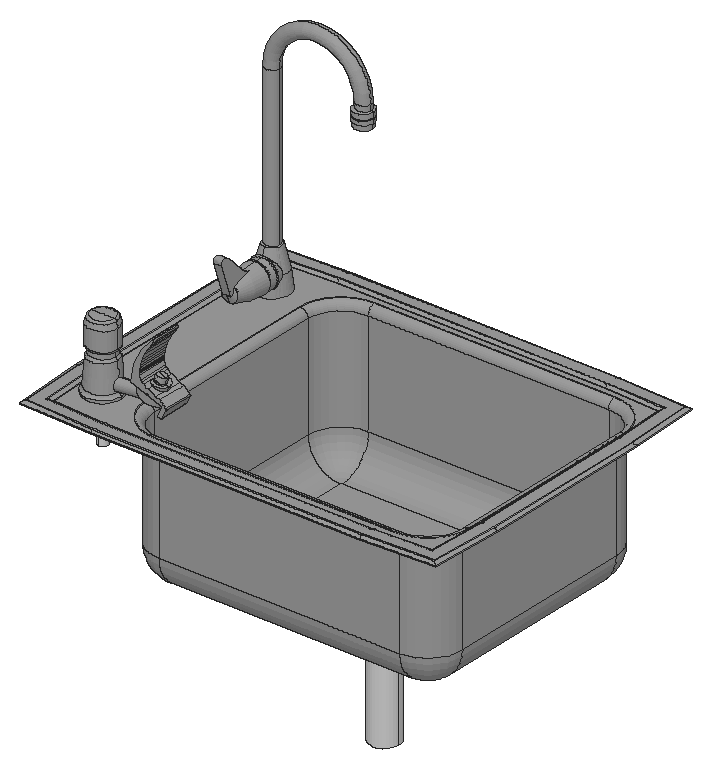
Revit family "equip-sink-clsrm-elkay-s-lustrtne-drkr2217lc", category Plumbing Fixtures, Revit 2019
Family settings
  Round Connector Dimension = Use Radius
  Part Type = Normal
  OmniClass Number = 23.45.05.14.14.27
  OmniClass Title = Service Sinks
  Work Plane-Based = Yes
  Always vertical = Yes
  Cut with Voids When Loaded = No
  Shared = No
  Room Calculation Point = No
Parameters (values of type "DRKR2217LC")
  URL = "www.elkayusa.com"
  Stem Material = Metal - Steel
  Specification Sheet URL = "http://www.elkayusa.com/cps/rde/xbcr/elkay/01-20G_DRKR(Q)2217_DRKAD(Q)2217.pdf"
  Sink Width = 1' - 5"
  Sink Part = "DRKR2217L-2"
  Sink Material = Metal - Steel - Stainless - Chrome
  Sink Length = 1' - 10"
  Sink Ledge Right Width Hidden = if(Sink Ledge Right Width > 0' 1 1/2", Sink Ledge Right Width, 0' 1 1/2")  # 0' - 1 1/2"
  Sink Ledge Right Width = 0' - 1 1/2"
  Sink Ledge Left Width Hidden = if(Sink Ledge Left Width > 0' 1 1/2", Sink Ledge Left Width, 0' 1 1/2")  # 0' - 4 1/2"
  Sink Ledge Left Width = 0' - 4 1/2"
  Sink Ledge Front Width Hidden = if(Sink Ledge Front Width > 0' 1 1/2", Sink Ledge Front Width, 0' 1 1/2")  # 0' - 1 3/4"
  Sink Ledge Front Width = 0' - 1 3/4"
  Sink Ledge Back Width Hidden = if(Sink Ledge Back Width > 0' 1 1/2", Sink Ledge Back Width, 0' 1 1/2")  # 0' - 1 3/4"
  Sink Ledge Back Width = 0' - 1 3/4"
  Right Faucet Hole Three Top = 0' - 0 1/8"
  Right Faucet Hole Three = Right Faucet Hole Three Top > 0' 0 63/256"  # no
  Right Faucet Hole OneTwo Top = 0' - 0 1/8"
  Right Faucet Hole OneTwo = Right Faucet Hole OneTwo Top > 0' 0 63/256"  # no
  Right Faucet Hole One to CL = 0' - 4"
  Nominal Radius = Nominal Dia / 2  # 0' - 0 3/16"
  Nominal Dia = 0' - 0 3/8"
  Left Faucet Hole Three = Left Faucet Hole Three Top > 0' 0 63/256"  # no
  Left Faucet Hole OneTwo = Left Faucet Hole OneTwo Top > 0' 0 63/256"  # no
  HW Flow Rate = 2 GPM
  Faucet Part = "LKD208513L"
  Faucet Material = Metal - Steel - Stainless - Chrome
  Drain Part = "LK35"
  Drain Material = Metal - Steel - Stainless - Chrome
  CW Flow Rate = 2 GPM
  Bubbler Part = "LK1141A"
  Bubbler Nominal Radius = Bubbler Nominal Dia / 2  # 0' - 0 1/4"
  Bubbler Nominal Dia = 0' - 0 1/2"
  Bubbler Material = Metal - Steel - Stainless - Chrome
  Bubbler CW Flow Rate = 2 GPM
  Bubbler Back Left = Bubbler Back Left Top > 0' 0 63/256"  # yes
  Bubbler Front Right = Bubbler Front Right Top > 0' 0 63/256"  # no
  Bubbler Front Left = Bubbler Front Left Top > 0' 0 63/256"  # yes
  Bubbler Back Right = Bubbler Back Right Top > 0' 0 63/256"  # no
  Back Faucet Hole Three = Back Faucet Hole Three Top > 0' 0 63/256"  # no
  Back Faucet Hole OneTwo = Back Faucet Hole OneTwo Top > 0' 0 63/256"  # no
  Back Faucet CL to Back = 0' - 2 1/4"
  Left Faucet Hole Three Top = 0' - 0 1/8"
  Left Faucet Hole OneTwo Top = 0' - 0 1/8"
  Bubbler Back Right Top = 0' - 0 1/8"
  Bubbler Front Right Radius = 0' - 0 9/16"
  Bubbler Front Left Radius = 0' - 0 9/16"
  Back Faucet Hole One to CL = 0' - 4"
  Drain CL LR to Left Bowl Edge = Bowl Length / 2  # 0' - 8"
  Bubbler Right from Edge = 0' - 2 1/4"
  Bubbler Back Left Top = 0' - 0 1/2"
  Bubbler Front Left Top = 0' - 0 1/2"
  Bubbler Left From Edge = 0' - 2 1/4"
  Back Faucet Hole Three Top = 0' - 0 1/8"
  Back Faucet Hole OneTwo Top = 0' - 0 1/8"
  Bowl Depth = 0' - 7 5/8"
  Bubbler Front Right Top = 0' - 0 1/8"
  Sanitary Flow Rate = 10 GPM
  OmniClass Title = "Service Sinks"
  OmniClass Code = "23.45.05.14.14.27"
  Sanitary Nominal Radius = Sanitary Nominal Dia / 2  # 0' - 0 3/4"
  Sanitary Nominal Dia = 0' - 1 1/2"
  Model = "DRKR2217LC"
  Minimum Cabinet Width = "27\""
  MasterFormat Title = "Commercial Sinks"
  MasterFormat Number = "22.42.16.16"
  Manufacturer = "Elkay Manufacturing"
  Bowl Drain Location FB = 0' - 6 3/4"
  Description = "Lustertone Classroom Single Bowl Sink"  # constant formula
  Default Elevation = 3' - 0"
  Deep Specification Sheet URL = ""
  Date Created = "2011-05-08"
  Bowl Length = Sink Length - Sink Ledge Left Width - Sink Ledge Right Width  # 1' - 4"
  Bowl Width = (Sink Width - Sink Ledge Front Width - Sink Ledge Back Width)  # 1' - 1 1/2"
  Assembly Code = "D2010410"
Reference planes (in)
  plane 1 "CL Sink Hole": y = 0
  plane 2 "Sink Deck": z = 0
  plane 3 "Center (Left/Right)": x = 0
  plane 4 "Basin Edge Left": x = -6.5
  plane 5 "Basin Edge Right": x = 9.5
  plane 6 "Back Right Bowl Edge": y = 6.75
  plane 7 "Basin Edge Front": y = -6.75
  plane 8 "Left": x = -11
  plane 9 "Right": x = 11
  plane 10 "Back": y = 8.5
  plane 11 "Front": y = -8.5
  plane 12 "Sink Angle Back Corner": y = 8.3125
  plane 13 "Sink Angle Right Corner": x = 10.8125
  plane 14 "Sink Angle Right": x = 7
  plane 15 "Sink Angle Back": y = 4.5
  plane 16 "Sink Angle Left": x = -7
  plane 17 "Sink Angle Left Corner": x = -10.8125
  plane 18 "Sink Angle Front Corner": y = -8.3125
  plane 19 "Sink Angle Front": y = -4.5
  plane 20 "Edge Opening Right": x = 9.921875
  plane 21 "Edge Opening Left": x = -6.921875
  plane 22 "Sink Top Piece Bottom Face": z = -0.0625
  plane 23 "Top Radius Corner Prot": z = -0.421875
  plane 24 "Left Sink Bottom Piece Left Edge": x = -4.8125
  plane 25 "Sink Bottom Piece Right Edge": x = 7.8125
  plane 26 "Sink Bottom Piece Back Edge": y = 5.0625
  plane 27 "Sink Bottom Piece Front Edge": y = -5.0625
  plane 28 "Center (Front/Back)": y = 0
  plane 29 "Right Bowl CL Drain": x = 1.5
  plane 30 "Edge Opening Front": y = -7.171875
  plane 31 "Right Sink Right Edge Radius": x = 7.75
  plane 32 "Front Edge Bottom Edge Radius": y = -5
  plane 33 "Back Edge Bottom Edge Radius": y = 5
  plane 34 "Back Right Edge Opening": y = 7.171875
  plane 35 "Left Bowl Bottom Edge Radius": x = -4.75
  plane 36 "Masking Region": z = 1.2515695
  plane 37 "Sink Angle Right Inside Corner": x = 9.9925507
  plane 38 "Sink Angle Back Inside Corner": y = 7.4925507
  plane 39 "Sink Angle Front Inside Corner": y = -7.4925507
  plane 40 "Sink Angle Left Inside Corner": x = -9.9925507
  plane 41 "Sink Angle Right Inside Offset Corner": x = 9.8511143
  plane 42 "Sink Angle Back Inside Offset Corner": y = 7.3511143
  plane 43 "Sink Angle Front Inside Offset Corner": y = -7.3511143
  plane 44 "Sink Angle Left Inside Offset Corner": x = -9.8511143
  plane 45 "Right Bowl Bottom Top Face": z = -7.5047681
  plane 46 "Right Bowl Bottom Bottom Face": z = -7.5672681
  plane 47 "Right Bowl Bottom Top of Radius": z = -5.8172681
  plane 48 "Right Sink Drain Elev Bottom": z = -9.0047681
  plane 49 "Right Sink Drain Top Elev": z = -8.7547681
  plane 50 "Faucet Hole Bottom": z = -0.25
  plane 51 "Left Faucet Hole Top": z = -0.125
  plane 52 "Faucet Hole CL Front/Back": y = 6.25
  plane 53 "Faucet Back Hole One-Two": z = -0.125
  plane 54 "Right Faucet Hole 1": x = -2.5
  plane 55 "Right Faucet Hole 2": x = 1.5
  plane 56 "Right Faucet Hole 3": x = 5.5
  plane 57 "Left  Bubbler CL Left/Right": x = -8.75
  plane 58 "Right Bubbler CL Left/Right": x = 8.75
  plane 59 "Bubbler Front CL": y = -5.5
  plane 60 "Top of Rim": z = 0.1202319
  plane 61 "CL Bowl Left/Right": x = 1.5
  plane 62 "Left Front Bubbler Top": z = 0.25
  plane 63 "Faucet Back Hole Three": z = -0.125
  plane 64 "Bubbler Rear CL F B": y = 5.5
  plane 65 "Bubbler Rear Left Top": z = 0.25
  plane 66 "Right Faucet Hole Three": y = 4
  plane 67 "Right Faucet Hole Two": y = 0
  plane 68 "Right Faucet Hole One": y = -4
  plane 69 "CL Bowl Front/Back": y = 0
  plane 70 "Right Faucet Hole OneTwo Top": z = -0.125
  plane 71 "Right Faucet Hole Three Top": z = -0.125
  plane 72 "Left Faucet Hole OneTwo Top": z = -0.125
  plane 73 "Left Faucet Hole Three Top": z = -0.125
  plane 74 "Bubble Rear Right Top": z = -0.125
Forms (in)
  Extrusion 1, solid, material "Metal - Steel - Stainless - Chrome" <- "Sink Material"
    sketch origin (0, 0, 0) x (1, 0, 0) y (0, 1, 0)
      loop
        line (-4.75, -7.171875) -> (7.75, -7.171875)
        arc (7.75, -7.171875) -> (9.2857475, -6.5357475) -> (9.921875, -5) r 2.171875
        line (9.921875, -5) -> (9.921875, 5)
        arc (9.921875, 5) -> (9.2857475, 6.5357475) -> (7.75, 7.171875) r 2.171875
        line (7.75, 7.171875) -> (-4.75, 7.171875)
        arc (-4.75, 7.171875) -> (-6.2857475, 6.5357475) -> (-6.921875, 5) r 2.171875
        line (-6.921875, 5) -> (-6.921875, -5)
        arc (-6.921875, -5) -> (-6.2857475, -6.5357475) -> (-4.75, -7.171875) r 2.171875
      loop
        line (-7, 7.4925507) -> (-9.8511143, 7.3511143) -> (-9.9925507, 4.5) -> (-9.9925507, -4.5) -> (-9.8511143, -7.3511143) -> (-7, -7.4925507) -> (7, -7.4925507) -> (9.8511143, -7.3511143) -> (9.9925507, -4.5) -> (9.9925507, 4.5) -> (9.8511143, 7.3511143) -> (7, 7.4925507) -> (-7, 7.4925507)
    from -0.0625 to 0
  Extrusion 2, solid, material "Metal - Steel - Stainless - Chrome" <- "Sink Material"
    sketch origin (0, 0, 0) x (1, 0, 0) y (0, 1, 0)
      loop
        arc (-4.75, 5.0625) -> (-4.7941942, 5.0441942) -> (-4.8125, 5) r 0.0625
        line (-4.8125, 5) -> (-4.8125, -5)
        arc (-4.8125, -5) -> (-4.7941942, -5.0441942) -> (-4.75, -5.0625) r 0.0625
        line (-4.75, -5.0625) -> (7.75, -5.0625)
        arc (7.75, -5.0625) -> (7.7941942, -5.0441942) -> (7.8125, -5) r 0.0625
        line (7.8125, -5) -> (7.8125, 5)
        arc (7.8125, 5) -> (7.7941942, 5.0441942) -> (7.75, 5.0625) r 0.0625
        line (7.75, 5.0625) -> (-4.75, 5.0625)
      loop
        circle (1.5, 0) r 2.25
    from -7.5672681 to -7.5047681
  Sweep 3, solid, material "Metal - Steel - Stainless - Chrome" <- "Sink Material"
    path origin (0, 0, -7.5047681) x (-1, 0, 0) y (0, -1, 0)
      loop
        circle (-1.5, 0) r 2.25
    profile "profile-elkay-sink-d4-csk : profile-elkay-sink-d4-csk" origin (1.5, -2.25, -7.5047681) x (0, 1, 0) y (0, 0, 1)
      loop
        line (0.5, -0.2911069) -> (0.1564602, -0.1343744)
        arc (0.1564602, -0.1343744) -> (0.1424945, -0.125589) -> (0.1313144, -0.1134552) r 0.0625
        line (0.1313144, -0.1134552) -> (0.0881719, -0.0522605)
        arc (0.0881719, -0.0522605) -> (0.0506391, -0.015074) -> (0, 0) r 0.1086
        line (0, 0) -> (0, -0.0461763)
        arc (0, -0.0461763) -> (0.0262058, -0.0541921) -> (0.0464633, -0.0726483) r 0.0625
        line (0.0464633, -0.0726483) -> (0.093406, -0.1396891)
        arc (0.093406, -0.1396891) -> (0.1129384, -0.1609677) -> (0.1373891, -0.1763448) r 0.1086
        line (0.1373891, -0.1763448) -> (0.5, -0.3417784) -> (0.5, -0.2911069)
  Sweep 4, solid, material "Metal - Steel - Stainless - Chrome" <- "Sink Material"
    path origin (0, 0, 0) x (1, 0, 0) y (0, 1, 0)
      loop
        line (-4.75, -6.75) -> (7.75, -6.75)
        arc (7.75, -6.75) -> (8.9874369, -6.2374369) -> (9.5, -5) r 1.75
        line (9.5, -5) -> (9.5, 5)
        arc (9.5, 5) -> (8.9874369, 6.2374369) -> (7.75, 6.75) r 1.75
        line (7.75, 6.75) -> (-4.75, 6.75)
        arc (-4.75, 6.75) -> (-5.9874369, 6.2374369) -> (-6.5, 5) r 1.75
        line (-6.5, 5) -> (-6.5, -5)
        arc (-6.5, -5) -> (-5.9874369, -6.2374369) -> (-4.75, -6.75) r 1.75
    profile origin (1.5, -6.75, 0) x (0, 1, 0) y (0, 0, 1)
      loop
        arc (0, -0.421875) -> (-0.1235643, -0.1235643) -> (-0.421875, 0) r 0.421875
        line (-0.421875, 0) -> (-0.421875, -0.0625)
        arc (-0.421875, -0.0625) -> (-0.1677585, -0.1677585) -> (-0.0625, -0.421875) r 0.359375
        line (-0.0625, -0.421875) -> (-0.0625, -5.8172681)
        arc (-0.0625, -5.8172681) -> (0.4500631, -7.054705) -> (1.6875, -7.5672681) r 1.75
        line (1.6875, -7.5672681) -> (1.6875, -7.5047681)
        arc (1.6875, -7.5047681) -> (0.4942573, -7.0105108) -> (0, -5.8172681) r 1.6875
        line (0, -5.8172681) -> (0, -0.421875)
  Extrusion 5, solid, material "Glass", not visible
    sketch origin (0, 0, -4.7547681) x (0, -1, 0) y (1, 0, 0)
      loop
        circle (0, 1.5) r 0.75
    from -4.25 to -4
  Sweep 6, solid, material "Metal - Steel - Stainless - Chrome" <- "Sink Material"
    path origin (0, 0, 0) x (1, 0, 0) y (0, 1, 0)
      loop
        line (-7, -8.5) -> (7, -8.5) -> (10.8125, -8.3125) -> (11, -4.5) -> (11, 4.5) -> (10.8125, 8.3125) -> (7, 8.5) -> (-7, 8.5) -> (-10.8125, 8.3125) -> (-11, 4.5) -> (-11, -4.5) -> (-10.8125, -8.3125) -> (-7, -8.5)
    profile "profile-elkay-sink-rim-9 : profile-elkay-sink-rim-9" origin (0, -8.5, 0) x (0, 1, 0) y (0, 0, 1)
      loop
        line (0, 0.0163327) -> (0, -0.0360681) -> (0.2039181, 0.0741316) -> (0.8052651, 0.0741316) -> (1.0074493, -0.0546586) -> (1.0074493, 0) -> (0.841093, 0.1059673)
        arc (0.841093, 0.1059673) -> (0.8176388, 0.1165931) -> (0.7921483, 0.1202319) r 0.091102
        line (0.7921483, 0.1202319) -> (0.2153023, 0.1202319)
        arc (0.2153023, 0.1202319) -> (0.1929626, 0.1174506) -> (0.1719868, 0.1092765) r 0.0911081
        line (0.1719868, 0.1092765) -> (0, 0.0163327)
  Extrusion 7, void
    sketch origin (0, 0, 0) x (1, 0, 0) y (0, 1, 0)
      loop
        circle (-8.75, -5.5) r 0.5625
    from -0.25 to 0.25
  Extrusion 8, void
    sketch origin (0, 0, 0) x (1, 0, 0) y (0, 1, 0)
      loop
        circle (-8.75, 5.5) r 0.5625
    from -0.25 to 0.25
Cuts and joins
  joined: Extrusion 2, Sweep 3, Sweep 4
  Extrusion 7, Extrusion 8 cuts Extrusion 1
Lines and regions (in)
  Masking region 1
    outline origin (0, 0, 1.2515695) x (-1, 0, 0) y (0, -1, 0)
      loop
        line (7, -8.5) -> (10.8125, -8.3125) -> (11, -4.5) -> (11, 4.5) -> (10.8125, 8.3125) -> (7, 8.5) -> (-7, 8.5) -> (-10.8125, 8.3125) -> (-11, 4.5) -> (-11, -4.5) -> (-10.8125, -8.3125) -> (-7, -8.5) -> (7, -8.5)
  reference lines, not visible
    curve 1: line (7, 8.5, 0) -> (10.8125, 8.3125, 0)
    curve 2: line (10.8125, 8.3125, 0) -> (11, 4.5, 0)
    curve 3: line (-7, 8.5, 0) -> (-10.8125, 8.3125, 0)
    curve 4: line (-10.8125, 8.3125, 0) -> (-11, 4.5, 0)
    curve 5: line (-11, -4.5, 0) -> (-10.8125, -8.3125, 0)
    curve 6: line (-10.8125, -8.3125, 0) -> (-7, -8.5, 0)
    curve 7: line (11, -4.5, 0) -> (10.8125, -8.3125, 0)
    curve 8: line (10.8125, -8.3125, 0) -> (7, -8.5, 0)
    curve 9: arc (0, -6.75, -0.421875) -> (0, -6.8735643, -0.1235643) -> (0, -7.171875, 0) r 0.421875
    curve 10: arc (7.8125, 5, 0) -> (7.7941942, 5.0441942, 0) -> (7.75, 5.0625, 0) r 0.0625
    curve 11: arc (-5.8125, 5, 0) -> (-5.7941942, 5.0441942, 0) -> (-5.75, 5.0625, 0) r 0.0625
    curve 12: arc (-5.75, -5.0625, 0) -> (-5.7941942, -5.0441942, 0) -> (-5.8125, -5, 0) r 0.0625
    curve 13: arc (7.8125, -5, 0) -> (7.7941942, -5.0441942, 0) -> (7.75, -5.0625, 0) r 0.0625
    curve 14: arc (9.5, 5, 0) -> (8.9874369, 6.2374369, 0) -> (7.75, 6.75, 0) r 1.75
    curve 15: arc (9.5, -5, 0) -> (8.9874369, -6.2374369, 0) -> (7.75, -6.75, 0) r 1.75
    curve 21: circle (1.5, 0, -9.0047681) r 0.75 normal (0, 0, 1)
  reference lines
    curve 16: arc (9.921875, 5, 0) -> (9.2857475, 6.5357475, 0) -> (7.75, 7.171875, 0) r 2.171875
    curve 17: arc (9.921875, -5, 0) -> (9.2857475, -6.5357475, 0) -> (7.75, -7.171875, 0) r 2.171875
    curve 22: line (9.9925507, -4.5, 0) -> (9.8511143, -7.3511143, 0)
    curve 23: line (7, -7.4925507, 0) -> (9.8511143, -7.3511143, 0)
    curve 24: line (-9.9925507, -4.5, 0) -> (-9.8511143, -7.3511143, 0)
    curve 25: line (9.9925507, 4.5, 0) -> (9.8511143, 7.3511143, 0)
    curve 26: line (9.8511143, 7.3511143, 0) -> (7, 7.4925507, 0)
    curve 27: line (-7, 7.4925507, 0) -> (-9.8511143, 7.3511143, 0)
    curve 28: line (-9.8511143, 7.3511143, 0) -> (-9.9925507, 4.5, 0)
    curve 29: line (-7, -7.4925507, 0) -> (-9.8511143, -7.3511143, 0)
    curve 30: arc (0, -5.0625, -7.5047681) -> (0, -6.2557427, -7.0105108) -> (0, -6.75, -5.8172681) r 1.6875
    curve 31: arc (-4.75, -5.0625, 0) -> (-4.7941942, -5.0441942, 0) -> (-4.8125, -5, 0) r 0.0625
    curve 32: arc (-4.75, -6.75, 0) -> (-5.9874369, -6.2374369, 0) -> (-6.5, -5, 0) r 1.75
    curve 33: arc (-6.921875, -5, 0) -> (-6.2857475, -6.5357475, 0) -> (-4.75, -7.171875, 0) r 2.171875
    curve 34: arc (-6.5, 5, 0) -> (-5.9874369, 6.2374369, 0) -> (-4.75, 6.75, 0) r 1.75
    curve 35: arc (-6.921875, 5, 0) -> (-6.2857475, 6.5357475, 0) -> (-4.75, 7.171875, 0) r 2.171875
    curve 36: arc (-4.8125, 5, 0) -> (-4.7941942, 5.0441942, 0) -> (-4.75, 5.0625, 0) r 0.0625
    curve 54: circle (8.75, -5.5, 0) r 0.5625 normal (0, 0, 1)
    curve 55: circle (-8.75, -5.5, 0) r 0.5625 normal (0, 0, 1)
  symbolic lines, style "Sinks"
    curve 18: line (9.5, 5, 1.2515695) -> (9.5, -5, 1.2515695)
    curve 19: arc (9.5, -5, 1.2515695) -> (8.9874369, -6.2374369, 1.2515695) -> (7.75, -6.75, 1.2515695) r 1.75
    curve 20: arc (9.5, 5, 1.2515695) -> (8.9874369, 6.2374369, 1.2515695) -> (7.75, 6.75, 1.2515695) r 1.75
    curve 37: line (-4.75, 6.75, 1.2515695) -> (7.75, 6.75, 1.2515695)
    curve 38: line (-4.75, -6.75, 1.2515695) -> (7.75, -6.75, 1.2515695)
    curve 39: line (-6.5, 5, 1.2515695) -> (-6.5, -4.7191231, 1.2515695)
    curve 40: arc (-4.75, -6.75, 1.2515695) -> (-5.388996, -6.6291667, 1.2515695) -> (-5.9397497, -6.2833533, 1.2515695) r 1.75
    curve 41: arc (-6.5, 5, 1.2515695) -> (-6.4988979, 5.0620968, 1.2515695) -> (-6.4955931, 5.1241153, 1.2515695) r 1.75
    curve 42: line (-7, 7.4925507, 1.2515695) -> (7, 7.4925507, 1.2515695)
    curve 43: line (-9.9925507, -4.5, 1.2515695) -> (-9.9925507, 4.5, 1.2515695)
    curve 44: line (9.9925507, 4.5, 1.2515695) -> (9.9925507, -4.5, 1.2515695)
    curve 45: line (7, -7.4925507, 1.2515695) -> (-7, -7.4925507, 1.2515695)
    curve 46: line (9.9925507, -4.5, 1.2515695) -> (9.8511143, -7.3511143, 1.2515695)
    curve 47: line (7, -7.4925507, 1.2515695) -> (9.8511143, -7.3511143, 1.2515695)
    curve 48: line (-7, -7.4925507, 1.2515695) -> (-9.8511143, -7.3511143, 1.2515695)
    curve 49: line (-7, 7.4925507, 1.2515695) -> (-9.8511143, 7.3511143, 1.2515695)
    curve 50: line (-9.8511143, 7.3511143, 1.2515695) -> (-9.9925507, 4.5, 1.2515695)
    curve 51: line (9.8511143, 7.3511143, 1.2515695) -> (7, 7.4925507, 1.2515695)
    curve 52: line (9.9925507, 4.5, 1.2515695) -> (9.8511143, 7.3511143, 1.2515695)
    curve 53: line (-9.9925507, -4.5, 1.2515695) -> (-9.8511143, -7.3511143, 1.2515695)
    curve 59: arc (-6.2651505, 5.875682, 1.2515695) -> (-5.624659, 6.5157413, 1.2515695) -> (-4.75, 6.75, 1.2515695) r 1.75
    curve 63: circle (1.5, 0, 1.2515695) r 2.25 normal (0, 0, 1)
    curve 64: circle (1.5, 0, 1.2515695) r 1.75 normal (0, 0, 1)
  symbolic lines, style "InvisibleLines", visible <- "Bubbler Back Left"
    curve 56: circle (-8.75, 5.5, 1.2515695) r 0.5625 normal (0, 0, 1)
  symbolic lines, style "InvisibleLines", visible <- "Bubbler Front Left"
    curve 57: circle (-8.75, -5.5, 1.2515695) r 0.5625 normal (0, 0, 1)
  symbolic lines, style "Sinks", visible <- "Left Faucet Hole Three"
    curve 58: circle (-8.75, 4, 1.2515695) r 0.75 normal (0, 0, 1)
  symbolic lines, style "InvisibleLines"
    curve 60: arc (-6.4955931, 5.1241153, 1.2515695) -> (-6.4231185, 5.5130055, 1.2515695) -> (-6.2651505, 5.875682, 1.2515695) r 1.75
    curve 61: line (-6.5, -4.7191231, 1.2515695) -> (-6.5, -5, 1.2515695)
    curve 62: arc (-5.9397497, -6.2833533, 1.2515695) -> (-6.3538332, -5.7001565, 1.2515695) -> (-6.5, -5, 1.2515695) r 1.75
Dimensions and locks (in)
  "Sink Ledge Left Width Hidden": plane 8 "Left" to plane 4 "Basin Edge Left"
  "Sink Ledge Right Width Hidden": plane 5 "Basin Edge Right" to plane 9 "Right"
  "Sink Length": plane 8 "Left" to plane 9 "Right"
  "Bowl Drain Location FB": plane 6 "Back Right Bowl Edge" to plane 1 "CL Sink Hole"
  "Sink Ledge Back Width Hidden": plane 10 "Back" to plane 6 "Back Right Bowl Edge"
  "Sink Ledge Front Width Hidden": plane 7 "Basin Edge Front" to plane 11 "Front"
  locked: plane 13 "Sink Angle Right Corner" to plane 9 "Right" at 0.1875
  locked: plane 10 "Back" to plane 12 "Sink Angle Back Corner" at 0.1875
  locked: plane 14 "Sink Angle Right" to plane 9 "Right" at 4
  locked: plane 10 "Back" to plane 15 "Sink Angle Back" at 4
  locked: plane 8 "Left" to plane 17 "Sink Angle Left Corner" at 0.1875
  locked: plane 8 "Left" to plane 16 "Sink Angle Left" at 4
  locked: plane 18 "Sink Angle Front Corner" to plane 11 "Front" at 0.1875
  locked: plane 19 "Sink Angle Front" to plane 11 "Front" at 4
  "Sink Width": plane 10 "Back" to plane 11 "Front"
  locked: plane 21 "Edge Opening Left" to plane 4 "Basin Edge Left" at 0.421875
  locked: plane 27 "Sink Bottom Piece Front Edge" to plane 7 "Basin Edge Front" at 1.6875
  locked: plane 4 "Basin Edge Left" to plane 24 "Left Sink Bottom Piece Left Edge" at 1.6875
  locked: plane 25 "Sink Bottom Piece Right Edge" to plane 5 "Basin Edge Right" at 1.6875
  locked: plane 6 "Back Right Bowl Edge" to plane 26 "Sink Bottom Piece Back Edge" at 1.6875
  locked: plane 5 "Basin Edge Right" to plane 20 "Edge Opening Right" at 0.421875
  equal spacing: plane 10 "Back", plane 28 "Center (Front/Back)", plane 11 "Front"
  equal spacing: plane 8 "Left", plane 3 "Center (Left/Right)", plane 9 "Right"
  locked: plane 31 "Right Sink Right Edge Radius" to plane 25 "Sink Bottom Piece Right Edge" at 0.0625
  locked: plane 32 "Front Edge Bottom Edge Radius" to plane 27 "Sink Bottom Piece Front Edge" at 0.0625
  locked: plane 26 "Sink Bottom Piece Back Edge" to plane 33 "Back Edge Bottom Edge Radius" at 0.0625
  locked: plane 34 "Back Right Edge Opening" to plane 6 "Back Right Bowl Edge" at 0.421875
  locked: plane 7 "Basin Edge Front" to plane 30 "Edge Opening Front" at 0.421875
  locked: plane 24 "Left Sink Bottom Piece Left Edge" to plane 35 "Left Bowl Bottom Edge Radius" at 0.0625
  locked: plane 2 "Sink Deck" to plane 23 "Top Radius Corner Prot" at 0.421875
  locked: plane 2 "Sink Deck" to plane 22 "Sink Top Piece Bottom Face" at 0.0625
  locked: plane 36 "Masking Region" to plane 2 "Sink Deck" at 1.2515695
  locked: plane 37 "Sink Angle Right Inside Corner" to plane 9 "Right" at 1.0074493
  locked: plane 8 "Left" to plane 40 "Sink Angle Left Inside Corner" at 1.0074493
  locked: plane 10 "Back" to plane 38 "Sink Angle Back Inside Corner" at 1.0074493
  locked: plane 39 "Sink Angle Front Inside Corner" to plane 11 "Front" at 1.0074493
  locked: plane 41 "Sink Angle Right Inside Offset Corner" to plane 37 "Sink Angle Right Inside Corner" at 0.1414364
  locked: plane 42 "Sink Angle Back Inside Offset Corner" to plane 38 "Sink Angle Back Inside Corner" at 0.1414364
  locked: plane 39 "Sink Angle Front Inside Corner" to plane 43 "Sink Angle Front Inside Offset Corner" at 0.1414364
  locked: plane 40 "Sink Angle Left Inside Corner" to plane 44 "Sink Angle Left Inside Offset Corner" at 0.1414364
  locked: plane 47 "Right Bowl Bottom Top of Radius" to plane 45 "Right Bowl Bottom Top Face" at 1.6875
  locked: plane 45 "Right Bowl Bottom Top Face" to plane 46 "Right Bowl Bottom Bottom Face" at 0.0625
  "Bowl Depth": plane 60 "Top of Rim" to plane 45 "Right Bowl Bottom Top Face"
  locked: plane 49 "Right Sink Drain Top Elev" to plane 48 "Right Sink Drain Elev Bottom" at 0.25
  locked: plane 45 "Right Bowl Bottom Top Face" to plane 48 "Right Sink Drain Elev Bottom" at 1.5
  "Back Faucet CL to Back": plane 10 "Back" to plane 52 "Faucet Hole CL Front/Back"
  locked: plane 2 "Sink Deck" to plane 50 "Faucet Hole Bottom" at 0.25
  "Bubbler Front Right Top": plane 51 "Left Faucet Hole Top" to plane 50 "Faucet Hole Bottom"
  "Back Faucet Hole OneTwo Top": plane 53 "Faucet Back Hole One-Two" to plane 50 "Faucet Hole Bottom"
  "Drain CL LR to Left Bowl Edge": plane 4 "Basin Edge Left" to plane 29 "Right Bowl CL Drain"
  locked: plane 54 "Right Faucet Hole 1" to plane 55 "Right Faucet Hole 2" at 4
  locked: plane 54 "Right Faucet Hole 1" to plane 56 "Right Faucet Hole 3" at 8
  "Bubbler Right from Edge": plane 58 "Right Bubbler CL Left/Right" to plane 9 "Right"
  "Bubbler Left From Edge": plane 8 "Left" to plane 57 "Left  Bubbler CL Left/Right"
  locked: plane 59 "Bubbler Front CL" to plane 11 "Front" at 3
  locked: plane 60 "Top of Rim" to plane 2 "Sink Deck" at 0.1202319
  "Back Faucet Hole One to CL": plane 54 "Right Faucet Hole 1" to plane 61 "CL Bowl Left/Right"
  equal spacing: plane 4 "Basin Edge Left", plane 61 "CL Bowl Left/Right", plane 5 "Basin Edge Right"
  "Bubbler Front Left Top": plane 62 "Left Front Bubbler Top" to plane 50 "Faucet Hole Bottom"
  "Back Faucet Hole Three Top": plane 50 "Faucet Hole Bottom" to plane 63 "Faucet Back Hole Three"
  locked: plane 10 "Back" to plane 64 "Bubbler Rear CL F B" at 3
  "Bubbler Back Left Top": plane 65 "Bubbler Rear Left Top" to plane 50 "Faucet Hole Bottom"
  equal spacing: plane 6 "Back Right Bowl Edge", plane 69 "CL Bowl Front/Back", plane 7 "Basin Edge Front"
  "Right Faucet Hole One to CL": plane 69 "CL Bowl Front/Back" to plane 68 "Right Faucet Hole One"
  locked: plane 67 "Right Faucet Hole Two" to plane 68 "Right Faucet Hole One" at 4
  locked: plane 66 "Right Faucet Hole Three" to plane 68 "Right Faucet Hole One" at 8
  "Right Faucet Hole OneTwo Top": plane 70 "Right Faucet Hole OneTwo Top" to plane 50 "Faucet Hole Bottom"
  "Right Faucet Hole Three Top": plane 71 "Right Faucet Hole Three Top" to plane 50 "Faucet Hole Bottom"
  "Left Faucet Hole OneTwo Top": plane 72 "Left Faucet Hole OneTwo Top" to plane 50 "Faucet Hole Bottom"
  "Left Faucet Hole Three Top": plane 73 "Left Faucet Hole Three Top" to plane 50 "Faucet Hole Bottom"
  "Bubbler Back Right Top": plane 74 "Bubble Rear Right Top" to plane 50 "Faucet Hole Bottom"
  "Sanitary Nominal Radius": radius of curve 21
  "Bubbler Front Right Radius": radius of curve 54
  "Bubbler Front Left Radius": radius of curve 55
  aligned: Extrusion 1 to plane 22 "Sink Top Piece Bottom Face"
  aligned and locked: Extrusion 2 sketch curve to curve 13
  aligned and locked: Extrusion 2 sketch curve to curve 10
  aligned and locked: Sweep 4 sketch curve to curve 14
  aligned and locked: Sweep 4 sketch curve to curve 15
  aligned and locked: Sweep 4 sketch curve to curve 9
  aligned and locked: Extrusion 1 sketch curve to curve 16
  aligned and locked: Extrusion 1 sketch curve to curve 17
  aligned and locked: plane 2 "Sink Deck" to Extrusion 1
  aligned and locked: Extrusion 1 to plane 22 "Sink Top Piece Bottom Face"
  aligned and locked: curve 19 to curve 15
  aligned and locked: curve 20 to curve 14
  aligned and locked: Extrusion 5 sketch curve to curve 21
  aligned and locked: Sweep 6 sketch curve to plane 11 "Front"
  aligned and locked: Sweep 6 sketch curve to plane 9 "Right"
  aligned and locked: Sweep 6 sketch curve to plane 10 "Back"
  aligned and locked: Sweep 6 sketch curve to plane 8 "Left"
  aligned and locked: Sweep 6 sketch curve to curve 4
  aligned and locked: Sweep 6 sketch curve to curve 5
  aligned and locked: Sweep 6 sketch curve to curve 7
  aligned and locked: Sweep 6 sketch curve to curve 8
  aligned and locked: Sweep 6 sketch curve to curve 2
  aligned and locked: Sweep 6 sketch curve to curve 1
  aligned and locked: Sweep 6 sketch curve to curve 3
  aligned and locked: Sweep 6 sketch curve to curve 6
  aligned and locked: Extrusion 1 sketch curve to plane 38 "Sink Angle Back Inside Corner"
  aligned and locked: Extrusion 1 sketch curve to plane 40 "Sink Angle Left Inside Corner"
  aligned and locked: Extrusion 1 sketch curve to plane 37 "Sink Angle Right Inside Corner"
  aligned and locked: Extrusion 1 sketch curve to plane 39 "Sink Angle Front Inside Corner"
  aligned and locked: Extrusion 1 sketch curve to curve 29
  aligned and locked: Extrusion 1 sketch curve to curve 24
  aligned and locked: Extrusion 1 sketch curve to curve 27
  aligned and locked: Extrusion 1 sketch curve to curve 28
  aligned and locked: Extrusion 1 sketch curve to curve 26
  aligned and locked: Extrusion 1 sketch curve to curve 25
  aligned and locked: Extrusion 1 sketch curve to curve 22
  aligned and locked: Extrusion 1 sketch curve to curve 23
  aligned and locked: Sweep 4 sketch curve to curve 30
  aligned and locked: plane 45 "Right Bowl Bottom Top Face" to cut or joined group of Extrusion 2, Sweep 3, Sweep 4
  aligned and locked: cut or joined group of Extrusion 2, Sweep 3, Sweep 4 to plane 46 "Right Bowl Bottom Bottom Face"
  aligned and locked: plane 49 "Right Sink Drain Top Elev" to Extrusion 5
  aligned and locked: Extrusion 5 to plane 48 "Right Sink Drain Elev Bottom"
  aligned and locked: Extrusion 7 to plane 50 "Faucet Hole Bottom"
  aligned: plane 51 "Left Faucet Hole Top" to Extrusion 7
  aligned: plane 53 "Faucet Back Hole One-Two" to Extrusion 7
  aligned and locked: Masking region 1 sketch curve to plane 10 "Back"
  aligned and locked: Masking region 1 sketch curve to plane 8 "Left"
  aligned and locked: Masking region 1 sketch curve to plane 9 "Right"
  aligned and locked: Masking region 1 sketch curve to plane 11 "Front"
  aligned and locked: Masking region 1 sketch curve to curve 6
  aligned and locked: Masking region 1 sketch curve to curve 5
  aligned and locked: Masking region 1 sketch curve to curve 4
  aligned and locked: Masking region 1 sketch curve to curve 3
  aligned and locked: Masking region 1 sketch curve to curve 1
  aligned and locked: Masking region 1 sketch curve to curve 2
  aligned and locked: Masking region 1 sketch curve to curve 7
  aligned and locked: Masking region 1 sketch curve to curve 8
  aligned and locked: Sweep 4 sketch curve to curve 34
  aligned and locked: Sweep 4 sketch curve to curve 32
  aligned and locked: Extrusion 2 sketch curve to curve 36
  aligned and locked: Extrusion 2 sketch curve to curve 31
  aligned and locked: Extrusion 1 sketch curve to curve 35
  aligned and locked: Extrusion 1 sketch curve to curve 33
  aligned and locked: curve 40 to curve 32
  aligned and locked: curve 41 to curve 34
  aligned and locked: Extrusion 7 to plane 62 "Left Front Bubbler Top"
  aligned and locked: Extrusion 8 to plane 50 "Faucet Hole Bottom"
  aligned and locked: plane 65 "Bubbler Rear Left Top" to Extrusion 8
  aligned and locked: Extrusion 7 sketch curve to curve 55
  aligned and locked: curve 57 to curve 55
  aligned: plane 19 "Sink Angle Front" to nested 1
  aligned and locked: plane 57 "Left  Bubbler CL Left/Right" to nested 1
  aligned and locked: plane 59 "Bubbler Front CL" to nested 1
  aligned and locked: plane 64 "Bubbler Rear CL F B" to nested 2
  aligned and locked: plane 57 "Left  Bubbler CL Left/Right" to nested 2
  aligned and locked: nested 3 to plane 69 "CL Bowl Front/Back"
  aligned and locked: nested 3 to plane 61 "CL Bowl Left/Right"
  aligned and locked: plane 64 "Bubbler Rear CL F B" to nested 4
  aligned and locked: plane 57 "Left  Bubbler CL Left/Right" to nested 4
  aligned and locked: plane 57 "Left  Bubbler CL Left/Right" to nested 5
  aligned and locked: plane 59 "Bubbler Front CL" to nested 5
Automatic sketch dimensions
  Sweep 4 sketch curve to Sweep 4 sketch curve = 0' - 0"  (x2)
  curve 9 to level = 0' - 0"
  curve 9 to plane 30 "Edge Opening Front" = 0' - 0"
  curve 9 to plane 7 "Basin Edge Front" = 0' - 0"
  curve 30 to plane 7 "Basin Edge Front" = 0' - 0"
  curve 30 to plane 27 "Sink Bottom Piece Front Edge" = 0' - 0"
  curve 30 to plane 45 "Right Bowl Bottom Top Face" = 0' - 0"
  profile plane to Sweep 4 sketch curve = 0' - 0 1/16"
  plane 1 "CL Sink Hole" to curve 21 = 0' - 0"
  curve 21 to plane 29 "Right Bowl CL Drain" = 0' - 0"
  Extrusion 8 sketch curve to plane 57 "Left  Bubbler CL Left/Right" = 0' - 0"
  Extrusion 8 sketch curve to plane 64 "Bubbler Rear CL F B" = 0' - 0"
  curve 52 to plane 15 "Sink Angle Back" = 0' - 0"
  curve 52 to plane 37 "Sink Angle Right Inside Corner" = 0' - 0"
  curve 46 to plane 41 "Sink Angle Right Inside Offset Corner" = 0' - 0"
  curve 51 to plane 41 "Sink Angle Right Inside Offset Corner" = 0' - 0"
  curve 47 to plane 14 "Sink Angle Right" = 0' - 0"
  curve 51 to plane 14 "Sink Angle Right" = 0' - 0"
  curve 42 to plane 16 "Sink Angle Left" = 0' - 0"
  curve 45 to plane 16 "Sink Angle Left" = 0' - 0"
  curve 53 to plane 43 "Sink Angle Front Inside Offset Corner" = 0' - 0"
  curve 53 to plane 44 "Sink Angle Left Inside Offset Corner" = 0' - 0"
  plane 42 "Sink Angle Back Inside Offset Corner" to curve 49 = 0' - 0"
  curve 49 to plane 44 "Sink Angle Left Inside Offset Corner" = 0' - 0"
  curve 43 to plane 19 "Sink Angle Front" = 0' - 0"
  curve 50 to plane 15 "Sink Angle Back" = 0' - 0"
  curve 50 to plane 40 "Sink Angle Left Inside Corner" = 0' - 0"
  curve 51 to plane 38 "Sink Angle Back Inside Corner" = 0' - 0"
  plane 42 "Sink Angle Back Inside Offset Corner" to curve 52 = 0' - 0"
  curve 44 to plane 19 "Sink Angle Front" = 0' - 0"
  curve 46 to plane 43 "Sink Angle Front Inside Offset Corner" = 0' - 0"
  plane 39 "Sink Angle Front Inside Corner" to curve 47 = 0' - 0"
  curve 10 to curve 14 = 0' - 0"
  curve 10 to curve 16 = 0' - 0"  (x2)
  curve 13 to curve 15 = 0' - 0"  (x2)
  curve 13 to curve 17 = 0' - 0"  (x2)
  curve 14 to curve 16 = 0' - 0"
  curve 31 to curve 32 = 0' - 0"  (x2)
  curve 31 to curve 33 = 0' - 0"  (x2)
  curve 34 to curve 35 = 0' - 0"  (x2)
  curve 34 to curve 36 = 0' - 0"  (x2)
  curve 4 to plane 8 "Left" = 0' - 0"
  curve 5 to plane 8 "Left" = 0' - 0"
  curve 5 to plane 17 "Sink Angle Left Corner" = 0' - 0"
  curve 4 to plane 12 "Sink Angle Back Corner" = 0' - 0"
  curve 4 to plane 17 "Sink Angle Left Corner" = 0' - 0"
  curve 24 to plane 19 "Sink Angle Front" = 0' - 0"
  curve 24 to plane 40 "Sink Angle Left Inside Corner" = 0' - 0"
  curve 28 to plane 15 "Sink Angle Back" = 0' - 0"
  curve 28 to plane 40 "Sink Angle Left Inside Corner" = 0' - 0"
  plane 42 "Sink Angle Back Inside Offset Corner" to curve 27 = 0' - 0"
  curve 27 to plane 44 "Sink Angle Left Inside Offset Corner" = 0' - 0"
  curve 24 to plane 43 "Sink Angle Front Inside Offset Corner" = 0' - 0"
  curve 24 to plane 44 "Sink Angle Left Inside Offset Corner" = 0' - 0"
  curve 55 to plane 57 "Left  Bubbler CL Left/Right" = 0' - 0"
  curve 27 to plane 16 "Sink Angle Left" = 0' - 0"
  curve 6 to plane 11 "Front" = 0' - 0"
  curve 6 to plane 16 "Sink Angle Left" = 0' - 0"
  curve 3 to plane 10 "Back" = 0' - 0"
  curve 3 to plane 16 "Sink Angle Left" = 0' - 0"
  curve 29 to plane 16 "Sink Angle Left" = 0' - 0"
  curve 35 to plane 21 "Edge Opening Left" = 0' - 0"
  curve 33 to plane 21 "Edge Opening Left" = 0' - 0"
  curve 34 to plane 4 "Basin Edge Left" = 0' - 0"
  curve 32 to plane 4 "Basin Edge Left" = 0' - 0"
  plane 32 "Front Edge Bottom Edge Radius" to curve 12 = 0' - 0"
  plane 33 "Back Edge Bottom Edge Radius" to curve 11 = 0' - 0"
  curve 12 to plane 27 "Sink Bottom Piece Front Edge" = 0' - 0"
  curve 11 to plane 26 "Sink Bottom Piece Back Edge" = 0' - 0"
  curve 31 to plane 24 "Left Sink Bottom Piece Left Edge" = 0' - 0"
  curve 36 to plane 24 "Left Sink Bottom Piece Left Edge" = 0' - 0"
  curve 31 to plane 27 "Sink Bottom Piece Front Edge" = 0' - 0"
  curve 31 to plane 35 "Left Bowl Bottom Edge Radius" = 0' - 0"
  curve 34 to plane 6 "Back Right Bowl Edge" = 0' - 0"
  curve 34 to plane 35 "Left Bowl Bottom Edge Radius" = 0' - 0"
  curve 16 to plane 31 "Right Sink Right Edge Radius" = 0' - 0"
  curve 15 to plane 7 "Basin Edge Front" = 0' - 0"
  curve 15 to plane 31 "Right Sink Right Edge Radius" = 0' - 0"
  curve 10 to plane 25 "Sink Bottom Piece Right Edge" = 0' - 0"
  curve 13 to plane 25 "Sink Bottom Piece Right Edge" = 0' - 0"
  curve 15 to plane 5 "Basin Edge Right" = 0' - 0"
  curve 14 to plane 5 "Basin Edge Right" = 0' - 0"
  curve 17 to plane 20 "Edge Opening Right" = 0' - 0"
  curve 16 to plane 20 "Edge Opening Right" = 0' - 0"
  curve 8 to plane 11 "Front" = 0' - 0"
  curve 8 to plane 14 "Sink Angle Right" = 0' - 0"
  curve 26 to plane 14 "Sink Angle Right" = 0' - 0"
  curve 23 to plane 14 "Sink Angle Right" = 0' - 0"
  curve 1 to plane 10 "Back" = 0' - 0"
  curve 1 to plane 14 "Sink Angle Right" = 0' - 0"
  curve 54 to plane 58 "Right Bubbler CL Left/Right" = 0' - 0"
  curve 23 to plane 41 "Sink Angle Right Inside Offset Corner" = 0' - 0"
  curve 25 to plane 41 "Sink Angle Right Inside Offset Corner" = 0' - 0"
  curve 25 to plane 15 "Sink Angle Back" = 0' - 0"
  curve 25 to plane 37 "Sink Angle Right Inside Corner" = 0' - 0"
  curve 22 to plane 19 "Sink Angle Front" = 0' - 0"
  curve 22 to plane 37 "Sink Angle Right Inside Corner" = 0' - 0"
  curve 8 to plane 13 "Sink Angle Right Corner" = 0' - 0"
  curve 2 to plane 12 "Sink Angle Back Corner" = 0' - 0"
  curve 2 to plane 13 "Sink Angle Right Corner" = 0' - 0"
  curve 2 to plane 9 "Right" = 0' - 0"
  curve 7 to plane 9 "Right" = 0' - 0"
  curve 8 to plane 18 "Sink Angle Front Corner" = 0' - 0"
  curve 6 to plane 18 "Sink Angle Front Corner" = 0' - 0"
  plane 39 "Sink Angle Front Inside Corner" to curve 23 = 0' - 0"
  plane 39 "Sink Angle Front Inside Corner" to curve 29 = 0' - 0"
  curve 22 to plane 43 "Sink Angle Front Inside Offset Corner" = 0' - 0"
  curve 55 to plane 59 "Bubbler Front CL" = 0' - 0"
  curve 54 to plane 59 "Bubbler Front CL" = 0' - 0"
  curve 5 to plane 19 "Sink Angle Front" = 0' - 0"
  curve 7 to plane 19 "Sink Angle Front" = 0' - 0"
  plane 33 "Back Edge Bottom Edge Radius" to curve 10 = 0' - 0"
  curve 4 to plane 15 "Sink Angle Back" = 0' - 0"
  curve 2 to plane 15 "Sink Angle Back" = 0' - 0"
  plane 42 "Sink Angle Back Inside Offset Corner" to curve 26 = 0' - 0"
  curve 27 to plane 38 "Sink Angle Back Inside Corner" = 0' - 0"
  curve 26 to plane 38 "Sink Angle Back Inside Corner" = 0' - 0"
  plane 4 "Basin Edge Left" to curve 12 = 0' - 0 11/16"
  plane 4 "Basin Edge Left" to curve 11 = 0' - 0 11/16"
  curve 56 to plane 57 "Left  Bubbler CL Left/Right" = 0' - 0"
  curve 56 to plane 64 "Bubbler Rear CL F B" = 0' - 0"
  curve 58 to plane 57 "Left  Bubbler CL Left/Right" = 0' - 0"
  curve 58 to plane 66 "Right Faucet Hole Three" = 0' - 0"
  plane 1 "CL Sink Hole" to Extrusion 2 sketch curve = 0' - 0"
  Extrusion 2 sketch curve to plane 29 "Right Bowl CL Drain" = 0' - 0"
  curve 60 to curve 59 = 0' - 0"
  plane 4 "Basin Edge Left" to curve 60 = 0' - 0.23485"
  curve 41 to curve 59 = 0' - 0"  (x2)
  plane 4 "Basin Edge Left" to curve 41 = 0' - 0.00441"
  curve 61 to plane 19 "Sink Angle Front" = 0' - 0.21912"
  curve 40 to curve 62 = 0' - 0"
  plane 7 "Basin Edge Front" to curve 40 = 0' - 0.46665"
  plane 1 "CL Sink Hole" to Sweep 3 sketch curve = 0' - 0"
  Sweep 3 sketch curve to plane 29 "Right Bowl CL Drain" = 0' - 0"
  curve 63 to curve 64 = 0' - 0"  (x2)
  plane 1 "CL Sink Hole" to curve 63 = 0' - 0"
  curve 63 to plane 29 "Right Bowl CL Drain" = 0' - 0"
  radius of Extrusion 8 sketch curve = 0' - 0 9/16"
  radius of curve 56 = 0' - 0 9/16"
  radius of curve 58 = 0' - 0 3/4"
  radius of Extrusion 2 sketch curve = 0' - 2 1/4"
  radius of Sweep 3 sketch curve = 0' - 2 1/4"
  radius of curve 63 = 0' - 2 1/4"
  radius of curve 64 = 0' - 1 3/4"
Nested families (in)
  nested 1: "equip-bubbler-elkay-LK1141A" at (-8.75, -5.5, 0) x (0, 1, 0) z (0, 0, 1), type "equip-bubbler-elkay-LK1141A"
  nested 2: "equip-faucet-elkay-LKD208513-L" at (-8.75, 5.5, 0) x (0, 1, 0) z (0, 0, 1), type "equip-faucet-elkay-LKD208513-l"
  nested 3: "equip-drain-elkay-LK35" at (1.5, -0.1875, -7.5047681), type "equip-drain-elkay-LK35"
  nested 4: "plan-detail-faucet-elkay-LKD208513-l" at (-8.75, 5.5, 1.2515695) x (0, 1, 0) z (0, 0, 1), type "plan-detail-faucet-elkay-LKD208513-l"
  nested 5: "plan-detail-bubbler-elkay-LK1141A" at (-8.75, -5.5, 1.2515695) x (0, 1, 0) z (0, 0, 1), type "plan-detail-bubbler-elkay-LK1141A"
Connectors (in)
  piping at (1.5, 0, -8.7547681), diameter 1.5, driven by "Sanitary Nominal Radius", driven by "Sanitary Flow Rate"
    settings: on Extrusion 5, index 2, connector inside diameter 1 1/2", connector length 0' - 0", flow factor 0, pipe flow 10 GPM, pressure drop 0.00 psi, fitting loss kfactor 0, connector angle 0.00°, fixture units 0, engagement length 0' - 0", angle of deflection 0.00°, flow configuration 1, flow direction 2, fitting loss method 0, system type 16, joint type 0, gender type 0, connector reference index -1, connector utility 0, adjustable connector yes, is connector primary yes, connector description "Sink Drain Right"
  piping at (-8.4999908, 5.5, -2.12225), diameter 0.375, driven by "Nominal Radius", driven by "HW Flow Rate"
    settings: on nested 2, index 3, connector inside diameter 3/8", connector length 0' - 0", flow factor 0, pipe flow 2 GPM, pressure drop 0.00 psi, fitting loss kfactor 0, connector angle 0.00°, fixture units 0, engagement length 0' - 0", angle of deflection 0.00°, flow configuration 1, flow direction 1, fitting loss method 0, system type 29, joint type 0, gender type 0, connector reference index -1, connector utility 0, adjustable connector no, is connector primary no, connector description "Hot Water Supply"
  piping at (-8.9999908, 5.5, -2.12225), diameter 0.375, driven by "CW Flow Rate", driven by "Nominal Radius"
    settings: on nested 2, index 4, connector inside diameter 3/8", connector length 0' - 0", flow factor 0, pipe flow 2 GPM, pressure drop 0.00 psi, fitting loss kfactor 0, connector angle 0.00°, fixture units 0, engagement length 0' - 0", angle of deflection 0.00°, flow configuration 1, flow direction 1, fitting loss method 0, system type 29, joint type 0, gender type 0, connector reference index -1, connector utility 0, adjustable connector no, is connector primary no, connector description "Cold Water Supply"
  piping at (-8.75, -5.5, -2.396449), diameter 0.5, driven by "Bubbler Nominal Radius", driven by "Bubbler CW Flow Rate"
    settings: on nested 1, index 5, connector inside diameter 1/2", connector length 0' - 0", flow factor 0, pipe flow 2 GPM, pressure drop 0.00 psi, fitting loss kfactor 0, connector angle 0.00°, fixture units 0, engagement length 0' - 0", angle of deflection 0.00°, flow configuration 1, flow direction 1, fitting loss method 0, system type 29, joint type 0, gender type 0, connector reference index -1, connector utility 0, adjustable connector no, is connector primary no, connector description "Bubbler Cold Water Supply"
Definition of nested family "equip-bubbler-elkay-LK1141A"
  Parameters
    Stem Material = none
    Nominal Radius = Nominal Dia / 2  # 0' - 0 1/4"
    Nominal Dia = 0' - 0 1/2"
    Default Elevation = 0' - 0"
    CW Flow Rate = 2 GPM
    Bubbler Material = none
  Reference planes (in)
    plane 1 "Center (Front/Back)": y = 0
    plane 2 "Sink Deck": z = 0
    plane 3 "Center (Left/Right)": x = 0
    plane 4 "Top of Stem": z = -1.8338436
    plane 5 "Bottom of Stem": z = -2.396449
    plane 6: y = -0.5313496
    plane 7: y = 0.4090766
    plane 8 "Masking Region": z = 1.25
  Forms (in)
    Revolve 1, solid, material <- "Bubbler Material"
      sketch origin (0, 0, 0) x (0, 1, 0) y (0, 0, 1)
        loop
          arc (0.5914336, 3.612634) -> (0.2965257, 3.6454053) -> (0, 3.6562291) r 4.0007498
          line (0, 3.6562291) -> (0, -0.1593348) -> (0.875164, -0.1593348) -> (0.875164, 0) -> (0.9701818, 0) -> (0.9701818, 0.1251373)
          arc (0.9701818, 0.1251373) -> (0.8853055, 0.2072757) -> (0.8475999, 0.3192087) r 0.2500469
          line (0.8475999, 0.3192087) -> (0.7501405, 1.7129414) -> (0.656373, 1.8753514) -> (0.656373, 2.1759516) -> (0.7076326, 2.1759516)
          arc (0.7076326, 2.1759516) -> (0.751835, 2.1942608) -> (0.7701443, 2.2384633) r 0.0625117
          line (0.7701443, 2.2384633) -> (0.7701443, 3.2363745) -> (0.6938299, 3.5211835)
          arc (0.6938299, 3.5211835) -> (0.6563073, 3.5822212) -> (0.5914336, 3.612634) r 0.1250234
        axis (0, 3.6562291) -> (0, -0.1593348)
      angle from 0 to 360
    Sweep 2, solid, material <- "Bubbler Material"
      path origin (0, 0, 0) x (0, 1, 0) y (0, 0, 1)
        loop
          line (-2.8502562, 0.8440117) -> (-0.5626054, 0.6280675)
      profile origin (0, -1.7064308, 0.7360396) x (0, 0.093978, 0.995574) y (1, 0, 0)
        loop
          circle (0, 0) r 0.3125
    Revolve 3, solid, material <- "Bubbler Material"
      sketch origin (0, 0, 0) x (0, 1, 0) y (0, 0, 1)
        loop
          line (-2.1521723, 1.5437962) -> (-2.4412307, 1.4385875) -> (-2.5464081, 1.7275601) -> (-2.7263375, 1.6620711) -> (-2.7533622, 1.7363208) -> (-2.8858066, 1.925471) -> (-3.0892381, 1.851428) -> (-2.6894923, 0.728533) -> (-2.4188322, 0.7009063) -> (-1.9964574, 1.1159728) -> (-2.1521723, 1.5437962)
        axis (-3.0897506, 1.8528678) -> (-2.6503201, 0.6184976)
      angle from 0 to 360
    Extrusion 4, solid, material <- "Bubbler Material"
      sketch origin (0, 0, 0) x (0, 1, 0) y (0, 0, 1)
        loop
          spline (-2.0645159, 1.5454225) -> (-2.0914575, 1.7681631) -> (-2.1317037, 1.988888) -> (-2.1851098, 2.2068031) -> (-2.2514837, 2.4211246) -> (-2.3305865, 2.6310814) -> (-2.4221338, 2.8359184) -> (-2.5257963, 3.0348987) -> (-2.6412009, 3.2273065) -> (-2.7679327, 3.4124497) -> (-2.9055357, 3.5896623) -> (-3.0535149, 3.7583068) -> (-3.2113381, 3.9177766)
          line (-3.2113381, 3.9177766) -> (-3.2507412, 3.8994028)
          arc (-3.2507412, 3.8994028) -> (-3.2859395, 3.8580672) -> (-3.2776762, 3.8044085) r 0.0652474
          line (-3.2776762, 3.8044085) -> (-3.1864297, 3.6657079) -> (-3.1671955, 3.6392596) -> (-3.146438, 3.6112881) -> (-3.1242823, 3.5819839) -> (-3.1029382, 3.5542257) -> (-2.9435289, 3.3265251) -> (-2.8053182, 3.0812272) -> (-2.6917919, 2.8234271) -> (-2.6373, 2.6712074) -> (-2.5965336, 2.5316473) -> (-2.5655835, 2.40285) -> (-2.5423986, 2.2833308) -> (-2.5366648, 2.2425377) -> (-2.5332039, 2.1987928) -> (-2.5325358, 2.1511599) -> (-2.5354917, 2.0988663) -> (-2.5432371, 2.0412932) -> (-2.6123404, 1.8352346) -> (-2.6620685, 1.7513877) -> (-2.7273571, 1.6680712)
          arc (-2.7273571, 1.6680712) -> (-2.819005, 1.5758208) -> (-2.9296066, 1.5074337) r 0.55487
          line (-2.9296066, 1.5074337) -> (-3.3932885, 1.2912149) -> (-3.5618361, 1.2126197) -> (-3.8924082, 0.9084335)
          spline (-3.8924082, 0.9084335) -> (-3.8985686, 0.9021299) -> (-3.903986, 0.8951774) -> (-3.9085926, 0.887663) -> (-3.9123307, 0.8796809) -> (-3.9151535, 0.871331) -> (-3.9170256, 0.8627179) -> (-3.9179237, 0.8539496) -> (-3.9178363, 0.8451358) -> (-3.9167646, 0.836387) -> (-3.9147221, 0.8278126) -> (-3.9117344, 0.8195202) -> (-3.9078387, 0.8116135)
          line (-3.9078387, 0.8116135) -> (-3.6678021, 0.3862632)
          arc (-3.6678021, 0.3862632) -> (-3.6470836, 0.3693458) -> (-3.6203365, 0.3695683) r 0.0393775
          line (-3.6203365, 0.3695683) -> (-3.5144583, 0.4081048)
          spline (-3.5144583, 0.4081048) -> (-3.5092396, 0.4104463) -> (-3.5044152, 0.4135192) -> (-3.5000869, 0.4172587) -> (-3.496346, 0.4215858) -> (-3.4932715, 0.4264092) -> (-3.4909283, 0.4316272) -> (-3.4893657, 0.4371296) -> (-3.4886167, 0.4428003) -> (-3.4886973, 0.4485198) -> (-3.4896056, 0.4541672) -> (-3.4913224, 0.4596234) -> (-3.4938117, 0.4647734)
          line (-3.4938117, 0.4647734) -> (-3.6833603, 0.8590488)
          spline (-3.6833603, 0.8590488) -> (-3.6881631, 0.8693314) -> (-3.691438, 0.8801977) -> (-3.6931171, 0.8914218) -> (-3.6931654, 0.9027707) -> (-3.691582, 0.9140088) -> (-3.6883997, 0.9249026) -> (-3.6836845, 0.9352259) -> (-3.6775346, 0.9447643) -> (-3.6700774, 0.9533197) -> (-3.661468, 0.9607144) -> (-3.6518851, 0.966795) -> (-3.6415278, 0.971435)
          line (-3.6415278, 0.971435) -> (-2.0645159, 1.5454225)
      from -0.7801168 to 0.7800503
    Extrusion 5, solid, material <- "Stem Material"
      sketch origin (0, 0, 0) x (1, 0, 0) y (0, 1, 0)
        loop
          circle (0, 0) r 0.25
      from -2.396449 to 0
  Cuts and joins
    joined: Revolve 1, Sweep 2
  Lines and regions (in)
    Masking region 1
      outline origin (0, 0, 1.25) x (0, -1, 0) y (1, 0, 0)
        loop
          line (3.9197519, 0.7800503) -> (2.0645159, 0.7800503) -> (2.0645159, 0.3125) -> (0.9184751, 0.3125)
          arc (0.9184751, 0.3125) -> (-0.9701818, 0) -> (0.9184751, -0.3125) r 0.9701818
          line (0.9184751, -0.3125) -> (2.0645159, -0.3125) -> (2.0645159, -0.7801168) -> (3.9197519, -0.7801168) -> (3.9197519, 0.7800503)
    reference lines, not visible
      curve 1: circle (0, 0, -2.396449) r 0.25 normal (0, 0, 1)
    symbolic lines
      curve 2: line (-0.3125, -2.0645159, 1.25) -> (0.3125, -2.0645159, 1.25)
      curve 3: arc (0.3125, -0.9184751, 1.25) -> (0, -0.9701818, 1.25) -> (-0.3125, -0.9184751, 1.25) r 0.9701818
      curve 4: circle (0, 0, 1.25) r 0.7501405 normal (0, 0, 1)
  Dimensions and locks (in)
    level to plane 5 "Bottom of Stem" = 0' - 2.39645"
    locked: plane 8 "Masking Region" to plane 2 "Sink Deck" at 1.25
    "Nominal Radius": radius of curve 1
    aligned and locked: Extrusion 5 sketch curve to curve 1
    aligned and locked: Extrusion 5 to plane 5 "Bottom of Stem"
    aligned and locked: level to Extrusion 5
  Automatic sketch dimensions
    plane 1 "Center (Front/Back)" to curve 1 = 0' - 0"
    curve 1 to plane 3 "Center (Left/Right)" = 0' - 0"
    Sweep 2 sketch curve to plane 3 "Center (Left/Right)" = 0' - 0"
    Sweep 2 sketch curve to profile plane = 0' - 0"
    curve 3 to curve 4 = 0' - 0"  (x2)
    plane 1 "Center (Front/Back)" to curve 3 = 0' - 0"
    curve 3 to plane 3 "Center (Left/Right)" = 0' - 0"
    curve 3 to plane 6 = 0' - 0.38713"
    curve 3 to plane 3 "Center (Left/Right)" = 0' - 0 5/16"
    curve 3 to curve 3 = 0' - 0"
    plane 3 "Center (Left/Right)" to curve 2 = 0' - 0 5/16"
    curve 3 to curve 2 = 0' - 1.14604"
    curve 2 to plane 3 "Center (Left/Right)" = 0' - 0 5/16"
    plane 1 "Center (Front/Back)" to Masking region 1 sketch curve = 0' - 0"
    Masking region 1 sketch curve to plane 3 "Center (Left/Right)" = 0' - 0"
    Masking region 1 sketch curve to plane 6 = 0' - 0.38713"
    plane 3 "Center (Left/Right)" to Masking region 1 sketch curve = 0' - 0 5/16"
    Masking region 1 sketch curve to Masking region 1 sketch curve = 0' - 0"  (x2)
    Masking region 1 sketch curve to Masking region 1 sketch curve = 0' - 1.14604"
    plane 3 "Center (Left/Right)" to Masking region 1 sketch curve = 0' - 0.78005"
    Masking region 1 sketch curve to Masking region 1 sketch curve = 0' - 1.85524"
    Masking region 1 sketch curve to Masking region 1 sketch curve = 0' - 0.46762"
    Revolve 1 sketch curve to plane 1 "Center (Front/Back)" = 0' - 0"  (x2)
    Revolve 1 sketch curve to level = 0' - 0"
    Revolve 1 sketch curve to plane 1 "Center (Front/Back)" = 0' - 0.00242"
    plane 7 to Revolve 1 sketch curve = 0' - 0.16395"
    Revolve 1 sketch curve to Revolve 1 sketch curve = 0' - 0.01841"
    Revolve 1 sketch curve to Revolve 1 sketch curve = 0' - 0"  (x3)
    plane 7 to Revolve 1 sketch curve = 0' - 0.2473"
    Revolve 1 sketch curve to Revolve 1 sketch curve = 0' - 0.1208"
    Revolve 1 sketch curve to Revolve 1 sketch curve = 0' - 0.05126"
    Revolve 1 sketch curve to Revolve 1 sketch curve = 0' - 0 3/32"
    Revolve 1 sketch curve to Revolve 1 sketch curve = 0' - 0 1/16"
    plane 7 to Revolve 1 sketch curve = 0' - 0.43852"
    Revolve 1 sketch curve to level = 0' - 0.15933"
    plane 7 to Revolve 1 sketch curve = 0' - 0.46609"
    Revolve 1 sketch curve to Revolve 1 sketch curve = 0' - 0.09502"
    Revolve 1 sketch curve to Revolve 1 sketch curve = 0' - 0.24911"
    Revolve 1 sketch curve to Revolve 1 sketch curve = 0' - 0.18519"
    level to Revolve 1 sketch curve = 0' - 0.12514"
    Revolve 1 sketch curve to Revolve 1 sketch curve = 0' - 0.19407"
    plane 8 "Masking Region" to Revolve 1 sketch curve = 0' - 0.46294"
    Revolve 1 sketch curve to Revolve 1 sketch curve = 0' - 0.16241"
    Revolve 1 sketch curve to Revolve 1 sketch curve = 0' - 0.3006"
    Revolve 1 sketch curve to Revolve 1 sketch curve = 0' - 0.99791"
    Revolve 1 sketch curve to Revolve 1 sketch curve = 0' - 0.2526"
    Sweep 2 sketch curve to plane 8 "Masking Region" = 0' - 0.40599"
    Sweep 2 sketch curve to plane 6 = 0' - 2.31891"
    Sweep 2 sketch curve to plane 6 = 0' - 0 1/32"
    Sweep 2 sketch curve to plane 8 "Masking Region" = 0' - 0.62193"
    Extrusion 4 sketch curve to plane 8 "Masking Region" = 0' - 0.04221"
    Extrusion 4 sketch curve to plane 6 = 0' - 5.25872"
    Extrusion 4 sketch curve to plane 8 "Masking Region" = 0' - 0.43839"
    Extrusion 4 sketch curve to Extrusion 4 sketch curve = 0' - 1.88223"
    Extrusion 4 sketch curve to plane 8 "Masking Region" = 0' - 0.34157"
    Extrusion 4 sketch curve to Extrusion 4 sketch curve = 0' - 0.01543"
    Extrusion 4 sketch curve to Extrusion 4 sketch curve = 0' - 0.06859"
    Extrusion 4 sketch curve to Extrusion 4 sketch curve = 0' - 0.074"  (x2)
    Extrusion 4 sketch curve to Extrusion 4 sketch curve = 0' - 0.08189"
    level to Extrusion 4 sketch curve = 0' - 0.38626"
    Extrusion 4 sketch curve to Extrusion 4 sketch curve = 0' - 0.01556"
    Extrusion 4 sketch curve to plane 8 "Masking Region" = 0' - 0.27857"
    Extrusion 4 sketch curve to Extrusion 4 sketch curve = 0' - 0.04183"
    Extrusion 4 sketch curve to Extrusion 4 sketch curve = 0' - 0.03378"
    level to Extrusion 4 sketch curve = 0' - 0.36957"
    Extrusion 4 sketch curve to Extrusion 4 sketch curve = 0' - 0.01368"
    Extrusion 4 sketch curve to Extrusion 4 sketch curve = 0' - 0.02694"
    Extrusion 4 sketch curve to plane 8 "Masking Region" = 0' - 0.03738"
    Extrusion 4 sketch curve to Extrusion 4 sketch curve = 0' - 0.07969"
    Extrusion 4 sketch curve to Extrusion 4 sketch curve = 0' - 0.10609"
    level to Extrusion 4 sketch curve = 0' - 0.4081"
    Extrusion 4 sketch curve to Extrusion 4 sketch curve = 0' - 0.01347"
    Extrusion 4 sketch curve to Extrusion 4 sketch curve = 0' - 0.03411"
    Extrusion 4 sketch curve to Extrusion 4 sketch curve = 0' - 0.00289"
    plane 8 "Masking Region" to Extrusion 4 sketch curve = 0' - 0.04121"
    Extrusion 4 sketch curve to Extrusion 4 sketch curve = 0' - 0.16855"
    Extrusion 4 sketch curve to Extrusion 4 sketch curve = 0' - 0.11561"
    Extrusion 4 sketch curve to Extrusion 4 sketch curve = 0' - 0.02693"
    Extrusion 4 sketch curve to Extrusion 4 sketch curve = 0' - 0.05451"
    Extrusion 4 sketch curve to Extrusion 4 sketch curve = 0' - 0.0394"
    Extrusion 4 sketch curve to Extrusion 4 sketch curve = 0' - 0.09125"
    Extrusion 4 sketch curve to Extrusion 4 sketch curve = 0' - 0.01923"
    Extrusion 4 sketch curve to Extrusion 4 sketch curve = 0' - 0.22918"
    Extrusion 4 sketch curve to Extrusion 4 sketch curve = 0' - 0.02076"
    Extrusion 4 sketch curve to Extrusion 4 sketch curve = 0' - 0.02216"
